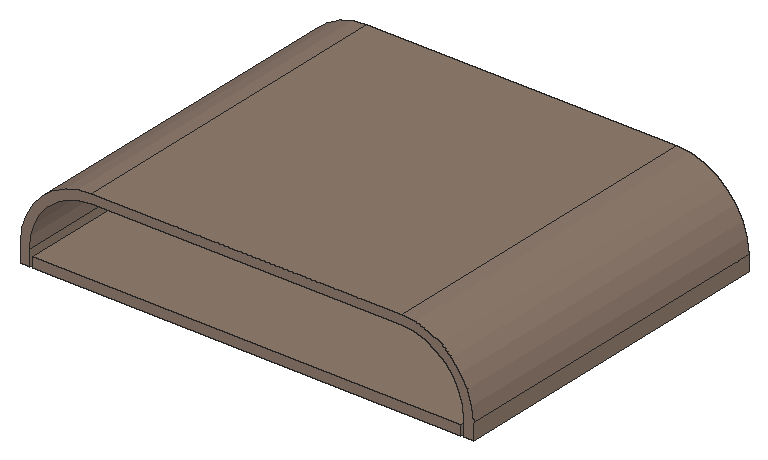
Revit family "Platek_Passo", category Apparecchi per illuminazione, Revit 2017
Family settings
  Quota connettore circolare = Usa diametro
  Tipo di parte = Normale
  Basato su piano di lavoro = Sì
  Sempre verticale = No
  Taglio con vuoti quando caricato = No
  Sorgente d'illuminazione = Sì
  Condiviso = No
  Punto di calcolo locali = No
Parameters (values of type "9404711_7,5W_LED_3000K")
  Wattage = 0.599157 W
  Variazione temperatura colore lampada con luminosità attenuata = <Nessuno>
  URL = "www.platek.eu"
  built-in parameter 1150107 = 3000 (stored number, unit not read)
  Supply Voltage = 24 V
  Rendi la forma visibile nel rendering = no
  Prospetto di default = 1219.200 mm
  Produttore = "PLATEK SRL"  # constant formula
  Product Page URL = "http://www.platek.eu/ita/catalogo.php?catseaname=9404711"
  Product Documentation Link = "http://www.platek.eu/ita/catalogo.php?catseaname=9404711"
  Product Dimension = "L110mm x L145mm x H28mm"
  Power Supply Unit = "Excluded"
  built-in parameter 1150110 = 1 (stored number, unit not read)
  built-in parameter 1150109 = 1 (stored number, unit not read)
  built-in parameter 1114218 = 1 (stored number, unit not read)
  built-in parameter 1150112 = 1 (stored number, unit not read)
  PLATEK FInishes = "Painted Aluminium Avalaible in Anthracite/Black/White/Corten/Bronze"
  PLATEK Article Code = "9404711"
  Nota chiave = "Other Led colors available on request"
  Mounting Type = "Ground/Wall"
  Modello = "PASSO"  # constant formula
  built-in parameter 1150137 = (empty or 0)
  built-in parameter 1150132 = 2
  Manufacturer Comment = "3mm flat tempered extra clear glass"
  Luminaire Wattage = 7.5 W
  Luminaire Luminous Intensity = 124 cd
  Luminaire Luminous Flux = 89 lm
  Light Source = PLK_Light Source
  Lampada = "LED"
  LED Protection = "Power supply excluded to be ordered separately"
  built-in parameter 1150105 = 7.0824 (stored number, unit not read)
  built-in parameter 1150102 = (empty or 0)
  Insulation Class = "3"
  Immagine tipo = passo_corten.jpg
  built-in parameter 1150106 = 0.070824 (stored number, unit not read)
  IP Rating = "IP67"
  IK Rating = "IK 10"
  Lumens = 89 lm
  Color Filter = 16777215
  File diagramma fotometrico = "9404711.IES"
  built-in parameter 1114217 = 1 (stored number, unit not read)
  built-in parameter 1150139 = (empty or 0)
  Energy Efficiency Rating = "A/A+/A++"
  Emetti da lunghezza rettangolo = 55.000 mm
  Emetti da larghezza rettangolo = 15.000 mm
  built-in parameter 1150104 = 13.8 (stored number, unit not read)
  built-in parameter 1150115 = 1 (stored number, unit not read)
  built-in parameter 1150114 = 1 (stored number, unit not read)
  built-in parameter 1150113 = 1 (stored number, unit not read)
  Dimmable = "No"
  Diffuse Type = "Transparent Glass"
  Descrizione = "Outdoor Lighting, Floor/Ground Illumination"
  Commenti sul tipo = "Walls, Pedestrian areas, Paths, Roads"
  Colour Temperature = 3000 K
  built-in parameter 1150134 = (empty or 0)
  built-in parameter 1150138 = (empty or 0)
  Codice assieme = "9404711"
  Carico apparente = 0 VA
  Cable Lenght = ""
  CRI = ">80"
  Body2 = PLK_Corten Steel
  Body = PLK_Corten Steel
  Beam Angle = 0.00°
  Angolo inclinazione = 90.00°
  Aluminium = PLK_Aluminium
  built-in parameter 1150133 = 10 (stored number, unit not read)
Types (3, lengths in mm): name | PLATEK Article Code | Immagine tipo | File diagramma fotometrico | Codice assieme | Body
  (no name) | "9404711" | passo_corten.jpg | "9404711.IES" | "9404711" | PLK_Corten Steel
  9404711_7,5W_LED_3000K | "9404711" | passo_corten.jpg | "9404711.IES" | "9404711" | PLK_Corten Steel
  9404411_7,5W_LED_3000K | "9404411" | passo_inox.jpg | "9404411.IES" | "9404411" | PLK_Grey
Reference planes
  plane 1 "Centro (Fronte/Retro)": y = 0
  plane 2: z = 0
  plane 3 "Centro (Sinistra/Destra)": x = 0
  plane 4: y = -56.5
  plane 5: y = 53.5
  plane 6: x = 72.5
  plane 7: x = -72.5
  plane 8: z = 28
  plane 9: z = 3
  plane 10: x = 69.5
  plane 11: x = -69.5
  plane 12: x = -40
  plane 13: x = 40.01
  plane 14: x = -28
  plane 15: x = 28
  plane 16: z = 6
  plane 17: z = 22
  plane 18: x = -68.5
  plane 19: x = 68.5
  plane 20: z = 24
  plane 21: z = 14
  plane 22: y = 50.5
  plane 23: y = 23.75
  plane 24: y = -16.25
  plane 25: y = -13.25
Forms (mm)
  Extrusion 1, solid, material "PLK_Corten Steel" <- "Body", detail levels medium+fine
    sketch origin (0, 0, 0) x (1, 0, 0) y (0, 0, 1)
      loop
        line (-72.5, 0) -> (72.5, 0) -> (72.5, 5)
        arc (72.5, 5) -> (65.763, 21.263) -> (49.5, 28) r 23
        line (49.5, 28) -> (-49.5, 28)
        arc (-49.5, 28) -> (-65.414, 21.614) -> (-72.5, 6) r 23.023
        line (-72.5, 6) -> (-72.5, 0)
    from -53.5 to 56.5
  Extrusion 2, void, detail levels medium+fine
    sketch origin (0, 0, 0) x (1, 0, 0) y (0, 0, 1)
      loop
        line (-69.5, 0) -> (-68.5, 0) -> (-68.5, 3) -> (68.5, 3) -> (68.5, 0) -> (69.5, 0) -> (69.5, 5)
        arc (69.5, 5) -> (63.642, 19.142) -> (49.5, 25) r 20
        line (49.5, 25) -> (-49.5, 25)
        arc (-49.5, 25) -> (-63.642, 19.142) -> (-69.5, 5) r 20
        line (-69.5, 5) -> (-69.5, 0)
    from -50.5 to 56.5
  Extrusion 3, solid, material "PLK_Aluminium" <- "Aluminium", detail levels fine
    sketch origin (0, 0, 1892.5) x (-1, 0, 0) y (0, -1, 0)
      loop
        line (40, -23.75) -> (40, 16.25) -> (-40.01, 16.25) -> (-40.01, -23.75) -> (40, -23.75)
    from -1889.5 to -1868.5
  Extrusion 4, void, detail levels fine
    sketch origin (0, 0, 0) x (1, 0, 0) y (0, 0, 1)
      loop
        line (-28, 20) -> (-28, 8)
        arc (-28, 8) -> (-27.414, 6.586) -> (-26, 6) r 2
        line (-26, 6) -> (26, 6)
        arc (26, 6) -> (27.414, 6.586) -> (28, 8) r 2
        line (28, 8) -> (28, 20)
        arc (28, 20) -> (27.414, 21.414) -> (26, 22) r 2
        line (26, 22) -> (-26, 22)
        arc (-26, 22) -> (-27.414, 21.414) -> (-28, 20) r 2
    from 13.25 to 19.582
  Extrusion 5, solid, material "PLK_Light Source" <- "Light Source", detail levels fine
    sketch origin (-0.076, 0, 0) x (1, 0, 0) y (0, 0, 1)
      loop
        arc (-27.924, 8) -> (-27.338, 6.586) -> (-25.924, 6) r 2
        line (-25.924, 6) -> (26.076, 6)
        arc (26.076, 6) -> (27.49, 6.586) -> (28.076, 8) r 2
        line (28.076, 8) -> (28.076, 19.578)
        arc (28.076, 19.578) -> (27.367, 21.291) -> (25.654, 22) r 2.422
        line (25.654, 22) -> (-26, 22)
        arc (-26, 22) -> (-27.36, 21.436) -> (-27.924, 20.076) r 1.924
        line (-27.924, 20.076) -> (-27.924, 8)
    from 13.25 to 16.25
  Extrusion 6, solid, material "PLK_Corten Steel" <- "Body", detail levels coarse
    sketch origin (0, 0, 0) x (1, 0, 0) y (0, 0, 1)
      loop
        line (-72.5, 0) -> (72.5, 0) -> (72.5, 5)
        arc (72.5, 5) -> (65.763, 21.263) -> (49.5, 28) r 23
        line (49.5, 28) -> (-49.5, 28)
        arc (-49.5, 28) -> (-65.414, 21.614) -> (-72.5, 6) r 23.023
        line (-72.5, 6) -> (-72.5, 0)
    from -53.5 to 56.5
  Extrusion 7, solid, material "PLK_Aluminium" <- "Aluminium", detail levels medium
    sketch origin (0, 0, 1892.5) x (-1, 0, 0) y (0, -1, 0)
      loop
        line (40, -23.75) -> (40, 16.25) -> (-40.01, 16.25) -> (-40.01, -23.75) -> (40, -23.75)
    from -1889.5 to -1868.5
Cuts and joins
  Extrusion 2, Extrusion 4 cuts Extrusion 1
  Extrusion 4 cuts Extrusion 3
Dimensions and locks
  equal spacing: plane 7, plane 3 "Centro (Sinistra/Destra)", plane 6, locked at 72.5 each
  plane 3 "Centro (Sinistra/Destra)" to Extrusion 3 = 40.000 mm
  plane 8 to plane 20 to plane 17 to plane 21 to plane 16 to plane 9 to plane 2 = 4.000 mm locked, 2.000 mm locked, 8.000 mm locked, 8.000 mm locked, 3.000 mm locked, 3.000 mm locked
  plane 7 to plane 18 to plane 12 to plane 14 to plane 3 "Centro (Sinistra/Destra)" to plane 15 to plane 13 to plane 19 to plane 6 = 4.000 mm locked, 28.500 mm locked, 12.000 mm locked, 28.000 mm locked, 28.000 mm locked, 12.010 mm locked, 28.490 mm locked, 4.000 mm locked
  plane 4 to plane 24 to plane 25 to plane 23 to plane 22 to plane 5 = 40.250 mm locked, 3.000 mm locked, 37.000 mm locked, 26.750 mm locked, 3.000 mm locked
  aligned and locked: level to plane 2
  aligned and locked: plane 4 to Extrusion 1
  aligned and locked: Extrusion 1 to plane 5
  aligned and locked: plane 12 to Extrusion 3 sketch curve
  aligned and locked: Extrusion 3 sketch curve to plane 13
  aligned and locked: Extrusion 6 to plane 5
  aligned and locked: plane 4 to Extrusion 6
  aligned and locked: plane 12 to Extrusion 7 sketch curve
  aligned and locked: cut or joined group of Extrusion 1, Extrusion 2, Extrusion 4 to plane 2
  aligned and locked: plane 8 to Extrusion 6
  aligned and locked: cut or joined group of Extrusion 1, Extrusion 2, Extrusion 4 to plane 9
  aligned and locked: plane 11 to cut or joined group of Extrusion 1, Extrusion 2, Extrusion 4
  aligned and locked: cut or joined group of Extrusion 1, Extrusion 2, Extrusion 4 to plane 10
  aligned and locked: plane 19 to cut or joined group of Extrusion 1, Extrusion 2, Extrusion 4
  aligned and locked: cut or joined group of Extrusion 1, Extrusion 2, Extrusion 4 to plane 18
  aligned and locked: plane 14 to Extrusion 5
  aligned and locked: Extrusion 5 to plane 15
  aligned and locked: Extrusion 5 to plane 16
  aligned and locked: plane 17 to Extrusion 5
  aligned and locked: plane 22 to Extrusion 2
  aligned and locked: plane 4 to Extrusion 2
  aligned and locked: plane 23 to Extrusion 7
  aligned and locked: plane 23 to cut or joined group of Extrusion 3, Extrusion 4
  aligned and locked: Extrusion 7 to plane 24
  aligned and locked: cut or joined group of Extrusion 3, Extrusion 4 to plane 24
  aligned and locked: plane 25 to Extrusion 5
  aligned and locked: Extrusion 5 to plane 24
  aligned and locked: plane 3 "Centro (Sinistra/Destra)" to imposter light
  aligned and locked: imposter light to plane 24
Automatic sketch dimensions
  Extrusion 1 sketch curve to plane 7 = 0.000 mm
  Extrusion 1 sketch curve to plane 8 = 0.000 mm
  Extrusion 1 sketch curve to plane 6 = 0.000 mm
  Extrusion 1 sketch curve to level = 0.000 mm
  Extrusion 1 sketch curve to plane 16 = 0.000 mm
  Extrusion 1 sketch curve to plane 12 = 9.500 mm
  Extrusion 1 sketch curve to plane 16 = 1.000 mm
  plane 11 to Extrusion 2 sketch curve = 0.000 mm
  plane 9 to Extrusion 2 sketch curve = 0.000 mm
  Extrusion 2 sketch curve to plane 18 = 0.000 mm
  plane 19 to Extrusion 2 sketch curve = 0.000 mm
  Extrusion 2 sketch curve to level = 0.000 mm  (x2)
  Extrusion 2 sketch curve to plane 10 = 0.000 mm
  Extrusion 2 sketch curve to plane 16 = 1.000 mm
  Extrusion 2 sketch curve to plane 12 = 9.500 mm
  plane 13 to Extrusion 2 sketch curve = 9.490 mm
  plane 14 to Extrusion 4 sketch curve = 0.000 mm
  Extrusion 4 sketch curve to plane 16 = 0.000 mm
  Extrusion 4 sketch curve to plane 17 = 0.000 mm
  plane 15 to Extrusion 4 sketch curve = 0.000 mm
  Extrusion 4 sketch curve to plane 14 = 2.000 mm  (x2)
  plane 15 to Extrusion 4 sketch curve = 2.000 mm  (x2)
  Extrusion 4 sketch curve to Extrusion 4 sketch curve = 0.000 mm
  plane 14 to Extrusion 5 sketch curve = 0.000 mm
  Extrusion 5 sketch curve to plane 17 = 0.000 mm
  plane 16 to Extrusion 5 sketch curve = 0.000 mm
  plane 15 to Extrusion 5 sketch curve = 0.000 mm
  Extrusion 5 sketch curve to plane 14 = 1.924 mm
  Extrusion 5 sketch curve to Extrusion 5 sketch curve = 2.000 mm  (x2)
  plane 15 to Extrusion 5 sketch curve = 2.422 mm
  Extrusion 6 sketch curve to plane 7 = 0.000 mm
  plane 8 to Extrusion 6 sketch curve = 0.000 mm
  Extrusion 6 sketch curve to plane 6 = 0.000 mm
  Extrusion 6 sketch curve to level = 0.000 mm
  plane 16 to Extrusion 6 sketch curve = 0.000 mm
  Extrusion 6 sketch curve to plane 12 = 9.500 mm
  Extrusion 6 sketch curve to plane 16 = 1.000 mm
  plane 1 "Centro (Fronte/Retro)" to Extrusion 3 sketch curve = 16.250 mm
  Extrusion 7 sketch curve to plane 13 = 0.000 mm
  plane 1 "Centro (Fronte/Retro)" to Extrusion 7 sketch curve = 16.250 mm
  Extrusion 3 sketch curve to plane 1 "Centro (Fronte/Retro)" = 23.750 mm
  Extrusion 7 sketch curve to plane 1 "Centro (Fronte/Retro)" = 23.750 mm
Connectors
  electrical at (0, -2.5, 0)
    settings: on cut or joined group of Extrusion 1, Extrusion 2, Extrusion 4, index 1, voltage 0 V, apparent load 0 VA, apparent load phase1 0 VA, apparent load phase2 0 VA, apparent load phase3 0 VA, power factor 1, load classification "Altro", number of poles 1, system type 31, power factor state 1, is connector primary yes, connector utility no, sub classification motor no, connector description ""
